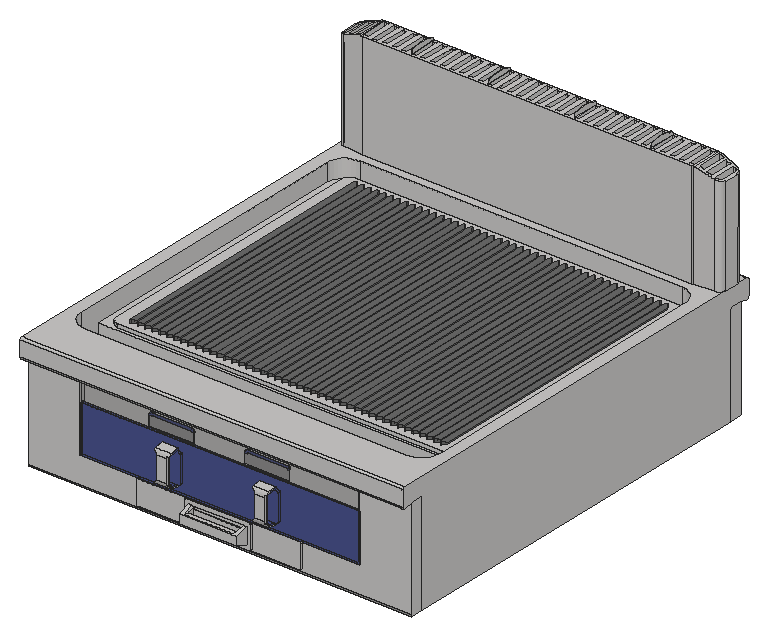
Revit family "QF_ELECTROLUXPROFESSIONAL_589102_MCHNAAHOPO", category Specialty Equipment, Revit 2018
Family settings
  Round Connector Dimension = Use Diameter
  Part Type = Normal
  Work Plane-Based = No
  Always vertical = Yes
  Cut with Voids When Loaded = No
  Shared = No
  Room Calculation Point = No
Parameters
  Weight in Pounds = 264.6
  URL Cutsheet = ""
  Type Mark [instance] = ""
  Specification by User [instance] = ""
  Specification by Manufacturer = ""
  Show Clearance [instance] = yes
  Serial Number = ""
  Seismic Rating = ""
  SMACNA No = ""
  Revision Code [instance] = ""
  Omniclass Number and Title = ""
  NAFEM Spec ID Number = ""
  Model = "589102"
  Mechanical Remarks = ""
  Mechanical Connection Type = ""
  Masterspec = ""
  Manufacturer = "ELECTROLUX"
  Item Number [instance] = ""
  Installed By [instance] = ""
  Identify Quantity as Lot [instance] = yes
  Gas Size = 1/2"
  Gas RI Height [instance] = 0 mm
  Gas KW = 20
  Gas Input [instance] = 68180.0 Btu/h
  Gas Connection Height = 0 mm
  Furnished By [instance] = ""
  Foodservice Equipment Identifier [instance] = yes
  Description = "GAS FRYTOP,RIBBED PL,1-SIDE,800X900X250H"
  CSI MasterFormat = ""
  CSI Master Format = ""
  Back Panel [instance] = yes
Reference planes
  plane 1 "BACK": y = 0
  plane 2: z = 0
  plane 3 "LEFT": x = 0
  plane 4 "RIGHT": x = 800
  plane 5 "FRONT": y = -900
  plane 6 "TOP": z = 250
  plane 7: x = 400
  plane 8: y = -450
  plane 9: z = 481
  plane 10: y = -1330
Forms (mm)
  Extrusion 1, solid, material "QF_Finishes_Stainless Steel"
    sketch origin (0, -487.128, 0) x (0, 1, 0) y (0, 0, 1)
      loop
        line (483.128, 250) -> (-408.872, 250)
        arc (-408.872, 250) -> (-411.7, 248.828) -> (-412.872, 246) r 4
        line (-412.872, 246) -> (-412.872, 214)
        arc (-412.872, 214) -> (-411.443, 210.936) -> (-408.177, 210.061) r 4
        line (-408.177, 210.061) -> (-391.509, 213) -> (-366.872, 213) -> (-366.872, 0) -> (441.128, 0) -> (441.128, 213) -> (465.765, 213) -> (482.433, 210.061)
        arc (482.433, 210.061) -> (485.699, 210.936) -> (487.128, 214) r 4
        line (487.128, 214) -> (487.128, 246)
        arc (487.128, 246) -> (485.956, 248.828) -> (483.128, 250) r 4
    from 0 to 800
  Extrusion 2, solid, material "QF_Finishes_Stainless Steel", visible <- "Back Panel"
    sketch origin (0, 0, 0) x (0, 1, 0) y (0, 0, 1)
      loop
        line (-46, 0) -> (-20, 0) -> (-20, 213) -> (-46, 213) -> (-46, 0)
    from 0 to 800
  Extrusion 3, void
    sketch origin (653.786, 44.048, 250) x (1, 0, 0) y (0, -1, 0)
      loop
        line (-590.636, 138.048) -> (83.064, 138.048)
        arc (83.064, 138.048) -> (110.04, 149.222) -> (121.214, 176.198) r 38.15
        line (121.214, 176.198) -> (121.214, 816.572)
        arc (121.214, 816.572) -> (109.944, 843.779) -> (82.737, 855.048) r 38.476
        line (82.737, 855.048) -> (-591.786, 855.048)
        arc (-591.786, 855.048) -> (-617.949, 844.211) -> (-628.786, 818.048) r 37
        line (-628.786, 818.048) -> (-628.786, 176.198)
        arc (-628.786, 176.198) -> (-617.613, 149.222) -> (-590.636, 138.048) r 38.15
    from 0 to 37
  Extrusion 4, void
    sketch origin (1307.573, 92.096, 213) x (0, 1, 0) y (1, 0, 0)
      loop
        line (-821.846, -532.573) -> (-864.62, -532.573)
        arc (-864.62, -532.573) -> (-891.827, -543.842) -> (-903.096, -571.049) r 38.476
        line (-903.096, -571.049) -> (-903.096, -1245.573)
        arc (-903.096, -1245.573) -> (-892.259, -1271.736) -> (-866.096, -1282.573) r 37
        line (-866.096, -1282.573) -> (-821.846, -1282.573) -> (-821.846, -532.573)
    from 0 to 25.6
  Extrusion 5, void
    sketch origin (1612.573, 92.096, 187.4) x (-1, 0, 0) y (0, 1, 0)
      loop
        circle (1212.573, -862.096) r 22.248
    from 0 to 92
  Extrusion 6, solid, material "QF_Finishes_Stainless Steel"
    sketch origin (0, -854, 0) x (1, 0, 0) y (0, -1, 0)
      loop
        circle (765, -264) r 6.35
    from 0 to 3.2
  Extrusion 7, solid, material "QF_Door-Drawer Clearances", visible <- "Show Clearance", detail levels coarse
    sketch origin (437.31, -881.593, 8.62) x (0, 0, 1) y (-1, 0, 0)
      loop
        line (1.973, -134.295) -> (49.317, -134.295)
        arc (49.317, -134.295) -> (50.776, -133.691) -> (51.38, -132.232) r 2.063
        line (51.38, -132.232) -> (51.38, 206.852)
        arc (51.38, 206.852) -> (50.88, 208.549) -> (49.541, 209.705) r 3.133
        line (49.541, 209.705) -> (3.067, 209.705)
        arc (3.067, 209.705) -> (0.898, 208.807) -> (0, 206.638) r 3.067
        line (0, 206.638) -> (0, -132.322)
        arc (0, -132.322) -> (0.578, -133.717) -> (1.973, -134.295) r 1.973
    from 0 to 448.407
  Extrusion 8, solid, material "QF_Clearances", visible <- "Show Clearance", detail levels coarse
    sketch origin (-178.969, -4572, 0) x (-1, 0, 0) y (0, -1, 0)
      loop
        line (-78.969, -3672) -> (-178.969, -3672) -> (-178.969, -4572) -> (-978.969, -4572) -> (-978.969, -3672) -> (-1078.969, -3672) -> (-1078.969, -4672) -> (-78.969, -4672) -> (-78.969, -3672)
    from 0 to 250
Cuts and joins
  Extrusion 3, Extrusion 4, Extrusion 5 cuts Extrusion 1
Lines and regions (mm)
  symbolic lines
    curve 1: line (493.666, -902.326, 0) -> (493.666, -900, 0)
    curve 2: spline (499.334, -903.73, 0) -> (498.856, -903.657, 0) -> (498.378, -903.575, 0) -> (497.901, -903.486, 0) -> (497.425, -903.389, 0) -> (496.95, -903.283, 0) -> (496.476, -903.17, 0) -> (496.004, -903.049, 0) -> (495.533, -902.92, 0) -> (495.064, -902.783, 0) -> (494.596, -902.638, 0) -> (494.13, -902.486, 0) -> (493.666, -902.326, 0)
    curve 3: line (525.881, -902.326, 0) -> (525.881, -900, 0)
    curve 4: spline (525.881, -902.326, 0) -> (525.417, -902.486, 0) -> (524.951, -902.638, 0) -> (524.483, -902.783, 0) -> (524.014, -902.92, 0) -> (523.543, -903.049, 0) -> (523.071, -903.17, 0) -> (522.597, -903.283, 0) -> (522.122, -903.389, 0) -> (521.646, -903.486, 0) -> (521.169, -903.575, 0) -> (520.691, -903.657, 0) -> (520.213, -903.73, 0)
    curve 5: line (499.334, -903.73, 0) -> (520.213, -903.73, 0)
    curve 6: line (25, -774, 0) -> (25, -132.15, 0)
    curve 7: arc (25, -132.15, 0) -> (36.174, -105.174, 0) -> (63.15, -94, 0) r 38.15
    curve 8: line (63.15, -94, 0) -> (736.85, -94, 0)
    curve 9: arc (736.85, -94, 0) -> (763.826, -105.174, 0) -> (775, -132.15, 0) r 38.15
    curve 10: line (775, -132.15, 0) -> (775, -772.524, 0)
    curve 11: arc (775, -772.524, 0) -> (763.731, -799.731, 0) -> (736.524, -811, 0) r 38.476
    curve 12: line (736.524, -811, 0) -> (62, -811, 0)
    curve 13: arc (62, -811, 0) -> (35.837, -800.163, 0) -> (25, -774, 0) r 37
    curve 14: line (775, -729.75, 0) -> (25, -729.75, 0)
    curve 15: circle (400, -770, 0) r 22.248 normal (0, 0, -1)
    curve 16: line (0, 0, 0) -> (800, 0, 0)
    curve 17: line (0, -900, 0) -> (0, 0, 0)
    curve 18: line (800, -900, 0) -> (0, -900, 0)
    curve 19: line (800, 0, 0) -> (800, -900, 0)
    curve 20: line (347.608, -908.767, 0) -> (450.042, -908.767, 0)
    curve 21: line (450.042, -908.767, 0) -> (451.588, -900, 0)
    curve 22: line (347.608, -908.767, 0) -> (346.062, -900, 0)
  symbolic lines, style "QF_Door-Drawer Clearances"
    curve 23: line (227.605, -1330, 0) -> (227.605, -900, 0)
    curve 24: line (227.605, -1330, 0) -> (571.605, -1330, 0)
    curve 25: line (571.605, -1330, 0) -> (571.605, -900, 0)
  symbolic lines, style "QF_Clearances", visible <- "Show Clearance", detail levels coarse
    curve 26: line (-100, 100, 0) -> (-100, -900, 0)
    curve 27: line (900, 100, 0) -> (-100, 100, 0)
    curve 28: line (900, -900, 0) -> (900, 100, 0)
Dimensions and locks
  plane 3 "LEFT" to plane 4 "RIGHT" = 800 mm
  plane 5 "FRONT" to plane 1 "BACK" = 900 mm
  equal spacing: plane 3 "LEFT", plane 7, plane 4 "RIGHT"
  equal spacing: plane 5 "FRONT", plane 8, plane 1 "BACK"
  plane 6 "TOP" to level = 250 mm  (x2)
  plane 1 "BACK" to plane 5 "FRONT" = 900 mm
  Extrusion 6 sketch curve to plane 1 "BACK" = 590 mm
  Extrusion 6 sketch curve to plane 4 "RIGHT" = 35 mm
  plane 5 "FRONT" to plane 10 = 430 mm
  plane 9 to plane 6 "TOP" = 231 mm
  plane 9 to level = 481 mm
  Extrusion 8 to plane 3 "LEFT" = 100 mm
  plane 4 "RIGHT" to Extrusion 8 = 100 mm
  plane 1 "BACK" to Extrusion 8 = 100 mm
  aligned and locked: level to plane 2
  aligned and locked: Extrusion 7 to plane 10
  aligned and locked: plane 6 "TOP" to Extrusion 8
  aligned and locked: cut or joined group of Extrusion 1, Extrusion 3, Extrusion 4, Extrusion 5 to plane 4 "RIGHT"
  aligned and locked: Extrusion 2 to plane 4 "RIGHT"
  aligned and locked: plane 7 to nested 1
  aligned and locked: plane 7 to nested 2
  aligned and locked: nested 3 to nested 2
Automatic sketch dimensions
  Extrusion 2 sketch curve to Extrusion 2 sketch curve = 26 mm
  plane 1 "BACK" to Extrusion 2 sketch curve = 20 mm
  Extrusion 1 to Extrusion 3 sketch curve = 90 mm
  Extrusion 1 to Extrusion 3 sketch curve = 122 mm
  Extrusion 1 to Extrusion 3 sketch curve = 25 mm
  Extrusion 3 sketch curve to Extrusion 3 sketch curve = 38.15 mm  (x2)
  Extrusion 1 to Extrusion 3 sketch curve = 123.476 mm
  Extrusion 1 to Extrusion 3 sketch curve = 85 mm
  Extrusion 3 sketch curve to Extrusion 3 sketch curve = 674.524 mm
  Extrusion 1 sketch curve to plane 5 "FRONT" = 0 mm
  Extrusion 1 sketch curve to plane 6 "TOP" = 0 mm
  Extrusion 1 sketch curve to level = 0 mm
  Extrusion 1 sketch curve to plane 1 "BACK" = 0 mm
  Extrusion 1 sketch curve to plane 6 "TOP" = 37 mm  (x2)
  Extrusion 1 sketch curve to plane 5 "FRONT" = 4 mm
  Extrusion 1 sketch curve to plane 5 "FRONT" = 21.363 mm
  Extrusion 1 sketch curve to plane 5 "FRONT" = 46 mm
  plane 1 "BACK" to Extrusion 1 sketch curve = 21.363 mm
  plane 1 "BACK" to Extrusion 1 sketch curve = 4 mm  (x2)
  Extrusion 1 sketch curve to Extrusion 1 sketch curve = 4 mm
  Extrusion 1 sketch curve to Extrusion 1 sketch curve = 0.695 mm
  Extrusion 1 sketch curve to Extrusion 1 sketch curve = 0 mm  (x4)
  plane 1 "BACK" to Extrusion 1 sketch curve = 4.695 mm
  Extrusion 1 sketch curve to Extrusion 1 sketch curve = 1 mm  (x2)
  plane 1 "BACK" to Extrusion 1 sketch curve = 46 mm
  Extrusion 4 sketch curve to Extrusion 3 = 81.25 mm
  Extrusion 3 to Extrusion 4 sketch curve = 0 mm  (x2)
  Extrusion 4 sketch curve to Extrusion 4 sketch curve = 37 mm
  Extrusion 4 sketch curve to Extrusion 4 sketch curve = 674.524 mm
  Extrusion 4 sketch curve to Extrusion 3 = 38.476 mm
  Extrusion 5 sketch curve to Extrusion 4 = 41 mm
  Extrusion 5 sketch curve to Extrusion 4 = 375 mm
  plane 1 "BACK" to curve 16 = 0 mm
  curve 16 to plane 4 "RIGHT" = 0 mm
  curve 23 to plane 10 = 0 mm
  curve 17 to plane 3 "LEFT" = 0 mm
  plane 5 "FRONT" to curve 25 = 0 mm
  plane 4 "RIGHT" to curve 10 = 25 mm
  curve 10 to curve 8 = 38.15 mm
  curve 11 to curve 12 = 38.476 mm
  plane 5 "FRONT" to curve 21 = 8.767 mm
  plane 5 "FRONT" to curve 3 = 2.326 mm
  plane 7 to curve 3 = 125.881 mm
  plane 5 "FRONT" to curve 5 = 3.73 mm
  curve 3 to curve 5 = 5.669 mm
  curve 5 to curve 22 = 172.605 mm
  curve 5 to curve 20 = 151.727 mm
  plane 5 "FRONT" to curve 1 = 2.326 mm
  curve 2 to curve 1 = 5.669 mm
  plane 3 "LEFT" to curve 8 = 63.15 mm
  plane 3 "LEFT" to curve 12 = 62 mm
  plane 3 "LEFT" to curve 23 = 227.605 mm
  plane 3 "LEFT" to curve 6 = 25 mm
  plane 4 "RIGHT" to curve 25 = 228.395 mm
  plane 5 "FRONT" to curve 4 = 4.032 mm
  curve 5 to curve 4 = 4.17 mm
  curve 4 to curve 22 = 169.98 mm
  curve 4 to curve 2 = 12.538 mm
  curve 15 to curve 13 = 338 mm
  plane 1 "BACK" to curve 8 = 94 mm
  curve 10 to plane 5 "FRONT" = 127.476 mm
  curve 14 to curve 13 = 44.25 mm
  curve 15 to curve 13 = 4 mm
  curve 2 to curve 4 = 0 mm
  plane 7 to curve 21 = 50.042 mm
  curve 21 to curve 20 = 1.546 mm
  plane 1 "BACK" to Extrusion 8 sketch curve = 0 mm
  plane 5 "FRONT" to Extrusion 8 sketch curve = 0 mm  (x2)
  Extrusion 8 sketch curve to plane 4 "RIGHT" = 100 mm
  Extrusion 8 sketch curve to plane 1 "BACK" = 100 mm
  Extrusion 8 sketch curve to plane 3 "LEFT" = 100 mm
  Extrusion 8 sketch curve to plane 3 "LEFT" = 0 mm
  Extrusion 8 sketch curve to plane 4 "RIGHT" = 0 mm
  curve 26 to plane 3 "LEFT" = 100 mm
  curve 26 to plane 1 "BACK" = 100 mm
  plane 5 "FRONT" to curve 26 = 0 mm
  curve 27 to plane 4 "RIGHT" = 100 mm
  plane 5 "FRONT" to curve 28 = 0 mm
  level to Extrusion 7 sketch curve = 8.62 mm
  level to Extrusion 7 sketch curve = 57.937 mm
  plane 7 to Extrusion 7 sketch curve = 171.605 mm
  Extrusion 7 sketch curve to Extrusion 7 sketch curve = 1.973 mm
  Extrusion 7 sketch curve to Extrusion 7 sketch curve = 3.067 mm
  Extrusion 7 sketch curve to Extrusion 7 sketch curve = 46.474 mm
  Extrusion 7 sketch curve to Extrusion 7 sketch curve = 2.063 mm
  Extrusion 7 sketch curve to Extrusion 7 sketch curve = 3.133 mm
  Extrusion 7 sketch curve to plane 7 = 169.328 mm
  Extrusion 2 sketch curve to level = 0 mm
  Extrusion 2 sketch curve to plane 6 "TOP" = 37 mm
  radius of Extrusion 5 sketch curve = 22.248 mm
  radius of Extrusion 6 sketch curve = 6.35 mm
  radius of curve 15 = 22.248 mm
Nested families
  nested 1: "GG_900_800 Front Panel with Center Grease Trap" at (0, -854, -650), type "GG_900_800 Front Panel with Center Grease Trap"
  nested 2: "GG_900_Backsplash for 800 fryer" at (388.888, -5, -635.571), type "GG_900_Backsplash for 800 fryer"
  nested 3: "GG_900_800 mm Full Grate" at (400, -411.875, -675), type "GG_900_800 mm Full Grate"
Connectors
  piping at (765, -590, -3.2), diameter 12.8
    settings: on Extrusion 6, index 1, connector inside diameter 0.50394", connector length 0 mm, flow factor 0, pipe flow 0 GPM, pressure drop 0.00 psi, fitting loss kfactor 0, connector angle 0.00°, fixture units 0, engagement length 0 mm, angle of deflection 0.00°, flow configuration 1, flow direction 1, fitting loss method 0, system type 7, joint type 0, gender type 0, connector reference index -1, connector utility 0, adjustable connector no, is connector primary yes, connector description "GAS CONNECTION"
Definition of nested family "GG_900_800 Front Panel with Center Grease Trap"
  Reference planes
    plane 1 "Center (Front/Back)": y = 0
    plane 2: z = 0
    plane 3 "Center (Left/Right)": x = 0
    plane 4: y = -26.492
    plane 5: x = 400
    plane 6: x = 522.091
    plane 7: x = 319.468
  Forms (mm)
    Extrusion 1, solid
      sketch origin (1033.217, 829.203, -1.25) x (0, 1, 0) y (0, 0, 1)
        loop
          arc (-854.203, 654.25) -> (-853.324, 652.129) -> (-851.203, 651.25) r 3
          line (-851.203, 651.25) -> (-829.203, 651.25) -> (-829.203, 864.25) -> (-854.203, 864.25) -> (-854.203, 654.25)
      from -1033.217 to -233.217
    Extrusion 2, void
      sketch origin (1033.217, 829.203, -1.25) x (1, 0, 0) y (0, 0, 1)
        loop
          line (-341.217, 853.25) -> (-925.217, 853.25) -> (-925.217, 711.25) -> (-341.217, 711.25) -> (-341.217, 853.25)
      from 843.409 to 854.203
  Cuts and joins
    Extrusion 2 cuts Extrusion 1
  Dimensions and locks
    cut or joined group of Extrusion 1, Extrusion 2 to cut or joined group of Extrusion 1, Extrusion 2 = 108 mm
    nested 2 to plane 3 "Center (Left/Right)" = 108 mm
    nested 2 to plane 3 "Center (Left/Right)" = 252.97 mm
    cut or joined group of Extrusion 1, Extrusion 2 to nested 2 = 253.275 mm
    cut or joined group of Extrusion 1, Extrusion 2 to nested 4 = 297.909 mm
    nested 3 to plane 3 "Center (Left/Right)" = 298.218 mm
    aligned and locked: nested 1 to nested 2
  Nested families
    nested 1: "grease trap door" at (467.599, -25, 0.608) x (-1, 0, 0) z (0, 0, 1), type "grease trap door"
    nested 2: "Long Glass Control Panel w-Two Reads" at (108, -25, 5.811), type "Long Glass Control Panel w-Two Reads"
    nested 3: "Range Control Handle" at (298.218, -28.137, -207.75), type "Range Control Handle"
    nested 4: "Range Control Handle" at (502.091, -28.137, -207.75), type "Range Control Handle"
  Definition of nested family "grease trap door"
    Reference planes
      plane 1 "Center (Front/Back)": y = 0
      plane 2: z = 0
      plane 3 "Center (Left/Right)": x = 0
    Forms (mm)
      Extrusion 1, solid
        sketch origin (1627.55, 854.203, -1.25) x (1, 0, 0) y (0, 0, 1)
          loop
            arc (-1627.55, 661.235) -> (-1626.972, 659.84) -> (-1625.577, 659.262) r 1.973
            line (-1625.577, 659.262) -> (-1494.325, 659.262)
            arc (-1494.325, 659.262) -> (-1492.156, 660.16) -> (-1491.258, 662.329) r 3.067
            line (-1491.258, 662.329) -> (-1491.258, 708.803)
            arc (-1491.258, 708.803) -> (-1492.414, 710.143) -> (-1494.111, 710.642) r 3.133
            line (-1494.111, 710.642) -> (-1625.486, 710.642)
            arc (-1625.486, 710.642) -> (-1626.945, 710.038) -> (-1627.55, 708.579) r 2.063
            line (-1627.55, 708.579) -> (-1627.55, 661.235)
        from 856.795 to 859.203
      Extrusion 2, solid
        sketch origin (445.874, 2476.61, 0) x (0, 1, 0) y (0, 0, 1)
          loop
            line (-2506.377, 675.273) -> (-2481.61, 667.505) -> (-2481.61, 700.995) -> (-2506.377, 693.227) -> (-2506.377, 675.273)
        from -437.68 to -317.68
      Extrusion 3, void
        sketch origin (1627.55, 854.203, -1.25) x (1, 0, 0) y (0, 0, 1)
          loop
            line (-1614.883, 703) -> (-1610.542, 695.433) -> (-1508.17, 695.433) -> (-1503.828, 703) -> (-1614.883, 703)
          loop
            line (-1614.883, 668) -> (-1502.669, 668) -> (-1507.01, 675.567) -> (-1610.542, 675.567) -> (-1614.883, 668)
        from 832.916 to 883.97
      Extrusion 4, void
        sketch origin (447.55, 854.203, -1.25) x (1, 0, 0) y (0, 0, 1)
          loop
            line (-430.542, 695.433) -> (-430.542, 675.567) -> (-328.17, 675.567) -> (-328.17, 695.433) -> (-430.542, 695.433)
        from 859.203 to 874.202
      Extrusion 5, solid
        sketch origin (1627.55, 854.203, -1.25) x (1, 0, 0) y (0, 0, 1)
          loop
            arc (-1731.556, 661.235) -> (-1730.978, 659.84) -> (-1729.583, 659.262) r 1.973
            line (-1729.583, 659.262) -> (-1390.623, 659.262)
            arc (-1390.623, 659.262) -> (-1388.454, 660.16) -> (-1387.556, 662.329) r 3.067
            line (-1387.556, 662.329) -> (-1387.556, 708.803)
            arc (-1387.556, 708.803) -> (-1388.712, 710.143) -> (-1390.409, 710.642) r 3.133
            line (-1390.409, 710.642) -> (-1729.493, 710.642)
            arc (-1729.493, 710.642) -> (-1730.952, 710.038) -> (-1731.556, 708.579) r 2.063
            line (-1731.556, 708.579) -> (-1731.556, 661.235)
        from 854.203 to 856.795
    Cuts and joins
      Extrusion 3 cuts Extrusion 1
      Extrusion 3, Extrusion 4 cuts Extrusion 2
      joined: Extrusion 1, Extrusion 2
    Lines and regions (mm)
      symbolic lines
        curve 1: line (0, -2.593, 0) -> (136.292, -2.593, 0)
        curve 2: line (17.557, -29.767, 0) -> (12.667, -2.593, 0)
        curve 3: line (17.557, -29.767, 0) -> (119.991, -29.767, 0)
        curve 4: line (119.991, -29.767, 0) -> (124.881, -2.593, 0)
        curve 5: line (68.146, -2.593, 0) -> (68.146, -29.767, 0)
      model lines
        curve 6: line (67.599, 0, 658.012) -> (67.599, 0, 709.392)
    Dimensions and locks
      aligned and locked: Extrusion 2 to Extrusion 1
      aligned and locked: Extrusion 3 to Extrusion 2
      aligned and locked: Extrusion 4 to Extrusion 1
  Definition of nested family "Long Glass Control Panel w-Two Reads"
    Reference planes
      plane 1 "Center (Front/Back)": y = 0
      plane 2: z = 0
      plane 3 "Center (Left/Right)": x = 0
      plane 4: x = 584
      plane 5: x = 581.091
      plane 6: x = 350
      plane 7: x = 233.749
      plane 8 "Top": z = 846.189
      plane 9 "Center": x = 292
    Forms (mm)
      Extrusion 1, solid
        sketch origin (550.286, 304.8, -4.308) x (1, 0, 0) y (0, 0, 1)
          loop
            line (-550.286, 806.791) -> (-550.286, 708.497) -> (33.714, 708.497) -> (33.714, 806.791) -> (-550.286, 806.791)
        from 300.031 to 304.8
      Extrusion 2, solid
        sketch origin (550.286, 304.8, -4.308) x (1, 0, 0) y (0, 0, 1)
          loop
            line (-550.286, 850.497) -> (-550.286, 806.791) -> (33.714, 806.791) -> (33.714, 850.497) -> (-550.286, 850.497)
        from 300.031 to 304.8
      Extrusion 3, solid
        sketch origin (550.286, 305.901, -4.308) x (1, 0, 0) y (0, 0, 1)
          loop
            line (-311.561, 812.62) -> (-311.561, 834.177) -> (-316.37, 834.177) -> (-318.169, 835.977) -> (-398.599, 835.977) -> (-400.399, 834.177) -> (-405.316, 834.177) -> (-405.316, 812.62) -> (-311.561, 812.62)
          loop
            line (-111.561, 812.62) -> (-111.561, 834.177) -> (-116.37, 834.177) -> (-118.169, 835.977) -> (-198.599, 835.977) -> (-200.399, 834.177) -> (-205.316, 834.177) -> (-205.316, 812.62) -> (-111.561, 812.62)
        from 304.798 to 306.745
      Extrusion 4, solid
        sketch origin (550.286, 305.901, -4.308) x (1, 0, 0) y (0, 0, 1)
          loop
            line (-318.121, 835.977) -> (-316.321, 834.177) -> (-311.611, 834.177)
            arc (-311.611, 834.177) -> (-312.787, 838.752) -> (-317.062, 840.763) r 5.549
            line (-317.062, 840.763) -> (-399.768, 840.763)
            arc (-399.768, 840.763) -> (-404.024, 838.747) -> (-405.16, 834.177) r 5.5
            line (-405.16, 834.177) -> (-400.351, 834.177) -> (-398.551, 835.977) -> (-318.121, 835.977)
          loop
            line (-200.222, 834.177) -> (-198.422, 835.977) -> (-117.993, 835.977) -> (-116.193, 834.177) -> (-111.482, 834.177)
            arc (-111.482, 834.177) -> (-112.659, 838.752) -> (-116.934, 840.763) r 5.549
            line (-116.934, 840.763) -> (-199.639, 840.763)
            arc (-199.639, 840.763) -> (-203.895, 838.747) -> (-205.031, 834.177) r 5.5
            line (-205.031, 834.177) -> (-200.222, 834.177)
        from 304.798 to 306.745
      Extrusion 5, void
        sketch origin (550.286, 304.8, -4.308) x (1, 0, 0) y (0, 0, 1)
          loop
            line (-547.628, 847.565) -> (-547.628, 710.699) -> (30.804, 710.699) -> (30.804, 847.565) -> (-547.628, 847.565)
        from 303.697 to 304.8
    Cuts and joins
      Extrusion 5 cuts Extrusion 1
      Extrusion 5 cuts Extrusion 2
      Extrusion 5 cuts Extrusion 3
      Extrusion 5 cuts Extrusion 4
    Lines and regions (mm)
      symbolic lines
        curve 1: line (0, 4.769, 0) -> (584, 4.769, 0)
    Dimensions and locks
      plane 4 to plane 3 "Center (Left/Right)" = 584 mm
      locked: plane 4 to plane 5 at 2.909
      plane 4 to plane 6 = 234 mm
      plane 7 to plane 3 "Center (Left/Right)" = 233.749 mm
      aligned and locked: Extrusion 1 to Extrusion 2
      aligned and locked: Extrusion 3 to Extrusion 4
  Definition of nested family "Range Control Handle"
    Reference planes
      plane 1 "Center (Front/Back)": y = 0
      plane 2: z = 0
      plane 3 "Center (Left/Right)": x = 0
      plane 4: z = 971.092
    Forms (mm)
      Extrusion 1, solid
        sketch origin (-746.28, 380.497, 208.931) x (-1, 0, 0) y (0, 0, 1)
          loop
            line (-770.101, 786.798) -> (-770.101, 731.649)
            arc (-770.101, 731.649) -> (-769.759, 730.563) -> (-768.855, 729.87) r 1.893
            line (-768.855, 729.87) -> (-763.474, 727.911) -> (-729.81, 727.911) -> (-724.428, 729.87)
            arc (-724.428, 729.87) -> (-723.525, 730.563) -> (-723.183, 731.649) r 1.893
            line (-723.183, 731.649) -> (-723.183, 786.798)
            arc (-723.183, 786.798) -> (-723.529, 787.894) -> (-724.44, 788.593) r 1.91
            line (-724.44, 788.593) -> (-729.683, 790.819) -> (-763.601, 790.819) -> (-768.844, 788.593)
            arc (-768.844, 788.593) -> (-769.755, 787.894) -> (-770.101, 786.798) r 1.91
        from -382.35 to -378.852
      Sweep 2, solid
        path origin (-746.788, 380.496, 208.091) x (0, -1, 0) y (0, 0, 1)
          loop
            line (379.775, 793.281) -> (395.661, 791.048)
            arc (395.661, 791.048) -> (397.781, 787.377) -> (398.517, 783.202) r 12.207
            line (398.517, 783.202) -> (398.517, 737.368)
            arc (398.517, 737.368) -> (397.781, 733.193) -> (395.661, 729.522) r 12.207
            line (395.661, 729.522) -> (379.775, 727.289)
        profile origin (-746.788, -7.222, 1000.256) x (0, -0.139173, 0.990268) y (-1, 0, 0)
          loop
            line (0.782, -763.123) -> (0.782, -730.907) -> (-1.322, -730.907) -> (-1.322, -763.123) -> (0.782, -763.123)
      Sweep 3, solid
        path origin (-746.788, 380.715, 207.832) x (0, -1, 0) y (0, 0, 1)
          loop
            line (380.478, 795.442) -> (397.218, 793.09)
            arc (397.218, 793.09) -> (399.929, 788.473) -> (400.871, 783.202) r 15.207
            line (400.871, 783.202) -> (400.871, 737.584)
            arc (400.871, 737.584) -> (399.914, 732.274) -> (397.164, 727.633) r 15.207
            line (397.164, 727.633) -> (380.601, 725.305)
        profile origin (-746.788, -8.132, 1002.099) x (0, -0.139173, 0.990268) y (-1, 0, 0)
          loop
            line (0.782, -763.123) -> (0.782, -730.907) -> (-1.322, -730.907) -> (-1.322, -763.123) -> (0.782, -763.123)
      Extrusion 4, void
        sketch origin (889.253, 220.666, 207.993) x (1, 0, 0) y (0, 0, 1)
          loop
            line (-943.038, 816.854) -> (-943.038, 703.686) -> (-899.466, 734.196) -> (-899.466, 786.344) -> (-943.038, 816.854)
        from 230.636 to 242.25
      Extrusion 5, void
        sketch origin (-888.8, 220.666, 207.993) x (-1, 0, 0) y (0, 0, -1)
          loop
            line (-943.038, -816.854) -> (-899.466, -786.344) -> (-899.466, -734.196) -> (-943.038, -703.686) -> (-943.038, -816.854)
        from 230.636 to 242.25
      Extrusion 6, solid
        sketch origin (0, 0, 0) x (1, 0, 0) y (0, 0, 1)
          loop
            circle (0, 971.092) r 7.736
        from -3.137 to -1.645
    Cuts and joins
      Extrusion 4, Extrusion 5 cuts Sweep 3
      Extrusion 4, Extrusion 5 cuts Sweep 2
      joined: Extrusion 1, Extrusion 6
    Lines and regions (mm)
      symbolic lines
        curve 1: line (23.821, 1.645, 0) -> (-23.097, 1.645, 0)
        curve 2: line (16.334, -1.853, 0) -> (23.821, -1.853, 0)
        curve 3: line (-15.881, -19.189, 0) -> (-15.881, -1.853, 0)
        curve 4: line (-23.097, -1.853, 0) -> (-15.881, -1.853, 0)
        curve 5: line (16.334, -19.189, 0) -> (16.334, -1.853, 0)
        curve 6: spline (-15.881, -19.189, 0) -> (-15.417, -19.349, 0) -> (-14.951, -19.501, 0) -> (-14.483, -19.646, 0) -> (-14.014, -19.783, 0) -> (-13.543, -19.912, 0) -> (-13.071, -20.033, 0) -> (-12.597, -20.146, 0) -> (-12.122, -20.251, 0) -> (-11.646, -20.349, 0) -> (-11.169, -20.438, 0) -> (-10.691, -20.52, 0) -> (-10.213, -20.593, 0)
        curve 7: spline (10.666, -20.593, 0) -> (11.144, -20.52, 0) -> (11.622, -20.438, 0) -> (12.099, -20.349, 0) -> (12.575, -20.251, 0) -> (13.05, -20.146, 0) -> (13.524, -20.033, 0) -> (13.996, -19.912, 0) -> (14.467, -19.783, 0) -> (14.936, -19.646, 0) -> (15.404, -19.501, 0) -> (15.87, -19.349, 0) -> (16.334, -19.189, 0)
        curve 8: line (-10.213, -20.938, 0) -> (10.716, -20.938, 0)
        curve 9: line (-23.097, 1.645, 0) -> (-23.097, -1.853, 0)
        curve 10: line (23.821, 1.645, 0) -> (23.821, -1.853, 0)
Definition of nested family "GG_900_Backsplash for 800 fryer"
  Reference planes
    plane 1 "Center (Front/Back)": y = 0
    plane 2: z = 0
    plane 3 "Center (Left/Right)": x = 11.112
    plane 4: x = -388.888
    plane 5: x = 411.112
    plane 6: y = -37.994
  Forms (mm)
    Extrusion 1, solid
      sketch origin (3208.371, -22.924, -275.679) x (1, 0, 0) y (0, 0, 1)
        loop
          line (-3597.259, 1365.162) -> (-3597.259, 1161.25) -> (-2797.259, 1161.25) -> (-2797.259, 1364.934) -> (-2841.553, 1381.055)
          arc (-2841.553, 1381.055) -> (-2844.994, 1381.949) -> (-2848.536, 1382.25) r 21
          line (-2848.536, 1382.25) -> (-3546.608, 1382.25)
          arc (-3546.608, 1382.25) -> (-3550.146, 1381.95) -> (-3553.582, 1381.058) r 21
          line (-3553.582, 1381.058) -> (-3597.259, 1365.162)
      from -17.885 to 48.024
    Extrusion 2, void
      sketch origin (3108.387, -925.98, -226.348) x (1, 0, 0) y (0, 1, 0)
        loop
          line (-3444.887, 915.362) -> (-3444.887, 861.502) -> (-3434.887, 861.502) -> (-3434.887, 915.362) -> (-3444.887, 915.362)
      from 1111.919 to 1332.919
    Extrusion 3, void
      sketch origin (3789.012, -925.98, -226.348) x (1, 0, 0) y (0, 1, 0)
        loop
          line (-3444.887, 915.362) -> (-3444.887, 861.502) -> (-3434.887, 861.502) -> (-3434.887, 915.362) -> (-3444.887, 915.362)
      from 1111.919 to 1332.919
    Extrusion 4, void
      sketch origin (3128.405, -925.98, -226.348) x (1, 0, 0) y (0, 1, 0)
        loop
          line (-3444.887, 915.362) -> (-3444.887, 861.502) -> (-3434.887, 861.502) -> (-3434.887, 915.362) -> (-3444.887, 915.362)
      from 1111.919 to 1332.919
    Extrusion 5, void
      sketch origin (3148.424, -925.98, -226.348) x (1, 0, 0) y (0, 1, 0)
        loop
          line (-3444.887, 915.362) -> (-3444.887, 861.502) -> (-3434.887, 861.502) -> (-3434.887, 915.362) -> (-3444.887, 915.362)
      from 1111.919 to 1332.919
    Extrusion 6, void
      sketch origin (3168.442, -925.98, -226.348) x (1, 0, 0) y (0, 1, 0)
        loop
          line (-3444.887, 915.362) -> (-3444.887, 861.502) -> (-3434.887, 861.502) -> (-3434.887, 915.362) -> (-3444.887, 915.362)
      from 1111.919 to 1332.919
    Extrusion 7, void
      sketch origin (3188.46, -925.98, -226.348) x (1, 0, 0) y (0, 1, 0)
        loop
          line (-3444.887, 915.362) -> (-3444.887, 861.502) -> (-3434.887, 861.502) -> (-3434.887, 915.362) -> (-3444.887, 915.362)
      from 1111.919 to 1332.919
    Extrusion 8, void
      sketch origin (3208.479, -925.98, -226.348) x (1, 0, 0) y (0, 1, 0)
        loop
          line (-3444.887, 915.362) -> (-3444.887, 861.502) -> (-3434.887, 861.502) -> (-3434.887, 915.362) -> (-3444.887, 915.362)
      from 1111.919 to 1332.919
    Extrusion 9, void
      sketch origin (3228.497, -925.98, -226.348) x (1, 0, 0) y (0, 1, 0)
        loop
          line (-3444.887, 915.362) -> (-3444.887, 861.502) -> (-3434.887, 861.502) -> (-3434.887, 915.362) -> (-3444.887, 915.362)
      from 1111.919 to 1332.919
    Extrusion 10, void
      sketch origin (3248.516, -925.98, -226.348) x (1, 0, 0) y (0, 1, 0)
        loop
          line (-3444.887, 915.362) -> (-3444.887, 861.502) -> (-3434.887, 861.502) -> (-3434.887, 915.362) -> (-3444.887, 915.362)
      from 1111.919 to 1332.919
    Extrusion 11, void
      sketch origin (3268.534, -925.98, -226.348) x (1, 0, 0) y (0, 1, 0)
        loop
          line (-3444.887, 915.362) -> (-3444.887, 861.502) -> (-3434.887, 861.502) -> (-3434.887, 915.362) -> (-3444.887, 915.362)
      from 1111.919 to 1332.919
    Extrusion 12, void
      sketch origin (3288.552, -925.98, -226.348) x (1, 0, 0) y (0, 1, 0)
        loop
          line (-3444.887, 915.362) -> (-3444.887, 861.502) -> (-3434.887, 861.502) -> (-3434.887, 915.362) -> (-3444.887, 915.362)
      from 1111.919 to 1332.919
    Extrusion 13, void
      sketch origin (3308.571, -925.98, -226.348) x (1, 0, 0) y (0, 1, 0)
        loop
          line (-3444.887, 915.362) -> (-3444.887, 861.502) -> (-3434.887, 861.502) -> (-3434.887, 915.362) -> (-3444.887, 915.362)
      from 1111.919 to 1332.919
    Extrusion 14, void
      sketch origin (3328.589, -925.98, -226.348) x (1, 0, 0) y (0, 1, 0)
        loop
          line (-3444.887, 915.362) -> (-3444.887, 861.502) -> (-3434.887, 861.502) -> (-3434.887, 915.362) -> (-3444.887, 915.362)
      from 1111.919 to 1332.919
    Extrusion 15, void
      sketch origin (3348.607, -925.98, -226.348) x (1, 0, 0) y (0, 1, 0)
        loop
          line (-3444.887, 915.362) -> (-3444.887, 861.502) -> (-3434.887, 861.502) -> (-3434.887, 915.362) -> (-3444.887, 915.362)
      from 1111.919 to 1332.919
    Extrusion 16, void
      sketch origin (3368.626, -925.98, -226.348) x (1, 0, 0) y (0, 1, 0)
        loop
          line (-3444.887, 915.362) -> (-3444.887, 861.502) -> (-3434.887, 861.502) -> (-3434.887, 915.362) -> (-3444.887, 915.362)
      from 1111.919 to 1332.919
    Extrusion 17, void
      sketch origin (3388.644, -925.98, -226.348) x (1, 0, 0) y (0, 1, 0)
        loop
          line (-3444.887, 915.362) -> (-3444.887, 861.502) -> (-3434.887, 861.502) -> (-3434.887, 915.362) -> (-3444.887, 915.362)
      from 1111.919 to 1332.919
    Extrusion 18, void
      sketch origin (3408.663, -925.98, -226.348) x (1, 0, 0) y (0, 1, 0)
        loop
          line (-3444.887, 915.362) -> (-3444.887, 861.502) -> (-3434.887, 861.502) -> (-3434.887, 915.362) -> (-3444.887, 915.362)
      from 1111.919 to 1332.919
    Extrusion 19, void
      sketch origin (3428.681, -925.98, -226.348) x (1, 0, 0) y (0, 1, 0)
        loop
          line (-3444.887, 915.362) -> (-3444.887, 861.502) -> (-3434.887, 861.502) -> (-3434.887, 915.362) -> (-3444.887, 915.362)
      from 1111.919 to 1332.919
    Extrusion 20, void
      sketch origin (3448.699, -925.98, -226.348) x (1, 0, 0) y (0, 1, 0)
        loop
          line (-3444.887, 915.362) -> (-3444.887, 861.502) -> (-3434.887, 861.502) -> (-3434.887, 915.362) -> (-3444.887, 915.362)
      from 1111.919 to 1332.919
    Extrusion 21, void
      sketch origin (3468.718, -925.98, -226.348) x (1, 0, 0) y (0, 1, 0)
        loop
          line (-3444.887, 915.362) -> (-3444.887, 861.502) -> (-3434.887, 861.502) -> (-3434.887, 915.362) -> (-3444.887, 915.362)
      from 1111.919 to 1332.919
    Extrusion 22, void
      sketch origin (3488.736, -925.98, -226.348) x (1, 0, 0) y (0, 1, 0)
        loop
          line (-3444.887, 915.362) -> (-3444.887, 861.502) -> (-3434.887, 861.502) -> (-3434.887, 915.362) -> (-3444.887, 915.362)
      from 1111.919 to 1332.919
    Extrusion 23, void
      sketch origin (3508.755, -925.98, -226.348) x (1, 0, 0) y (0, 1, 0)
        loop
          line (-3444.887, 915.362) -> (-3444.887, 861.502) -> (-3434.887, 861.502) -> (-3434.887, 915.362) -> (-3444.887, 915.362)
      from 1111.919 to 1332.919
    Extrusion 24, void
      sketch origin (3528.773, -925.98, -226.348) x (1, 0, 0) y (0, 1, 0)
        loop
          line (-3444.887, 915.362) -> (-3444.887, 861.502) -> (-3434.887, 861.502) -> (-3434.887, 915.362) -> (-3444.887, 915.362)
      from 1111.919 to 1332.919
    Extrusion 25, void
      sketch origin (3548.791, -925.98, -226.348) x (1, 0, 0) y (0, 1, 0)
        loop
          line (-3444.887, 915.362) -> (-3444.887, 861.502) -> (-3434.887, 861.502) -> (-3434.887, 915.362) -> (-3444.887, 915.362)
      from 1111.919 to 1332.919
    Extrusion 26, void
      sketch origin (3568.81, -925.98, -226.348) x (1, 0, 0) y (0, 1, 0)
        loop
          line (-3444.887, 915.362) -> (-3444.887, 861.502) -> (-3434.887, 861.502) -> (-3434.887, 915.362) -> (-3444.887, 915.362)
      from 1111.919 to 1332.919
    Extrusion 27, void
      sketch origin (3588.828, -925.98, -226.348) x (1, 0, 0) y (0, 1, 0)
        loop
          line (-3444.887, 915.362) -> (-3444.887, 861.502) -> (-3434.887, 861.502) -> (-3434.887, 915.362) -> (-3444.887, 915.362)
      from 1111.919 to 1332.919
    Extrusion 28, void
      sketch origin (3608.846, -925.98, -226.348) x (1, 0, 0) y (0, 1, 0)
        loop
          line (-3444.887, 915.362) -> (-3444.887, 861.502) -> (-3434.887, 861.502) -> (-3434.887, 915.362) -> (-3444.887, 915.362)
      from 1111.919 to 1332.919
    Extrusion 29, void
      sketch origin (3628.865, -925.98, -226.348) x (1, 0, 0) y (0, 1, 0)
        loop
          line (-3444.887, 915.362) -> (-3444.887, 861.502) -> (-3434.887, 861.502) -> (-3434.887, 915.362) -> (-3444.887, 915.362)
      from 1111.919 to 1332.919
    Extrusion 30, void
      sketch origin (3648.883, -925.98, -226.348) x (1, 0, 0) y (0, 1, 0)
        loop
          line (-3444.887, 915.362) -> (-3444.887, 861.502) -> (-3434.887, 861.502) -> (-3434.887, 915.362) -> (-3444.887, 915.362)
      from 1111.919 to 1332.919
    Extrusion 31, void
      sketch origin (3668.902, -925.98, -226.348) x (1, 0, 0) y (0, 1, 0)
        loop
          line (-3444.887, 915.362) -> (-3444.887, 861.502) -> (-3434.887, 861.502) -> (-3434.887, 915.362) -> (-3444.887, 915.362)
      from 1111.919 to 1332.919
    Extrusion 32, void
      sketch origin (0, 0, 0) x (1, 0, 0) y (0, 1, 0)
        loop
          line (-373.021, -61.567) -> (-373.021, -14.408) -> (-377.678, -14.821)
          spline (-377.678, -14.821) -> (-378.371, -14.929) -> (-379.046, -15.126) -> (-379.692, -15.41) -> (-380.301, -15.777) -> (-380.864, -16.22) -> (-381.37, -16.734) -> (-381.814, -17.309) -> (-382.188, -17.939) -> (-382.486, -18.613) -> (-382.704, -19.32) -> (-382.839, -20.051) -> (-382.888, -20.793)
          line (-382.888, -20.793) -> (-382.888, -55.104)
          spline (-382.888, -55.104) -> (-382.855, -55.807) -> (-382.746, -56.501) -> (-382.562, -57.176) -> (-382.305, -57.825) -> (-381.98, -58.437) -> (-381.589, -59.005) -> (-381.14, -59.521) -> (-380.637, -59.978) -> (-380.087, -60.369) -> (-379.499, -60.69) -> (-378.879, -60.936) -> (-378.237, -61.104)
          line (-378.237, -61.104) -> (-373.021, -61.567)
        loop
          line (-367.195, -62.083) -> (-357.328, -62.958) -> (-357.328, -13.046) -> (-367.195, -13.892) -> (-367.195, -62.083)
        loop
          line (-351.502, -12.529) -> (-351.502, -63.476) -> (-341.546, -64.358) -> (-341.546, -11.645) -> (-351.502, -12.529)
        loop
          line (399.338, -14.802) -> (395.245, -14.439) -> (395.245, -61.567) -> (399.902, -61.184)
          spline (399.902, -61.184) -> (400.6, -61.075) -> (401.279, -60.875) -> (401.93, -60.588) -> (402.542, -60.217) -> (403.106, -59.768) -> (403.614, -59.248) -> (404.058, -58.666) -> (404.43, -58.029) -> (404.726, -57.349) -> (404.94, -56.634) -> (405.069, -55.897) -> (405.112, -55.149)
          line (405.112, -55.149) -> (405.112, -20.839)
          spline (405.112, -20.839) -> (405.061, -20.042) -> (404.913, -19.26) -> (404.668, -18.505) -> (404.333, -17.791) -> (403.912, -17.13) -> (403.412, -16.534) -> (402.844, -16.014) -> (402.215, -15.577) -> (401.539, -15.233) -> (400.825, -14.986) -> (400.087, -14.842) -> (399.338, -14.802)
        loop
          line (389.419, -13.922) -> (379.552, -13.046) -> (379.552, -62.989) -> (389.419, -62.113) -> (389.419, -13.922)
        loop
          line (363.77, -11.615) -> (363.77, -64.389) -> (373.726, -63.506) -> (373.726, -12.499) -> (363.77, -11.615)
      from 885.571 to 1106.571
    Extrusion 33, void
      sketch origin (5.432, 225.414, 0) x (1, 0, 0) y (0, 1, 0)
        loop
          spline (-382.452, -291.267) -> (-383.887, -291.038) -> (-385.284, -290.622) -> (-386.623, -290.026) -> (-387.883, -289.259) -> (-389.044, -288.332) -> (-390.088, -287.26) -> (-391.001, -286.059) -> (-391.767, -284.747) -> (-392.375, -283.345) -> (-392.817, -281.874) -> (-393.084, -280.356) -> (-393.174, -278.815)
          line (-393.174, -278.815) -> (-403.174, -278.815) -> (-403.174, -302.496) -> (-338.508, -302.496) -> (-338.508, -295.112) -> (-382.452, -291.267)
        loop
          line (-382.452, -235.548) -> (-338.508, -231.703) -> (-338.508, -224.32) -> (-403.174, -224.32) -> (-403.174, -248.001) -> (-393.174, -248.001)
          spline (-393.174, -248.001) -> (-393.084, -246.459) -> (-392.817, -244.941) -> (-392.375, -243.47) -> (-391.767, -242.068) -> (-391.001, -240.757) -> (-390.088, -239.556) -> (-389.044, -238.484) -> (-387.883, -237.557) -> (-386.623, -236.79) -> (-385.284, -236.194) -> (-383.887, -235.778) -> (-382.452, -235.548)
        loop
          line (393.082, -291.267) -> (349.139, -295.112) -> (349.139, -302.496) -> (413.805, -302.496) -> (413.805, -278.815) -> (403.805, -278.815)
          spline (403.805, -278.815) -> (403.715, -280.356) -> (403.447, -281.874) -> (403.006, -283.345) -> (402.398, -284.747) -> (401.631, -286.059) -> (400.719, -287.26) -> (399.674, -288.332) -> (398.513, -289.259) -> (397.254, -290.026) -> (395.915, -290.622) -> (394.518, -291.038) -> (393.082, -291.267)
        loop
          spline (393.082, -235.548) -> (394.518, -235.778) -> (395.915, -236.194) -> (397.254, -236.79) -> (398.513, -237.557) -> (399.674, -238.484) -> (400.719, -239.556) -> (401.631, -240.757) -> (402.398, -242.068) -> (403.006, -243.47) -> (403.447, -244.941) -> (403.715, -246.459) -> (403.805, -248.001)
          line (403.805, -248.001) -> (413.805, -248.001) -> (413.805, -224.32) -> (349.139, -224.32) -> (349.139, -231.703) -> (393.082, -235.548)
      from 0 to 1124.213
    Extrusion 34, void
      sketch origin (3688.92, -925.98, -226.348) x (1, 0, 0) y (0, 1, 0)
        loop
          line (-3444.887, 915.362) -> (-3444.887, 861.502) -> (-3434.887, 861.502) -> (-3434.887, 915.362) -> (-3444.887, 915.362)
      from 1111.919 to 1332.919
    Extrusion 35, void
      sketch origin (3708.938, -925.98, -226.348) x (1, 0, 0) y (0, 1, 0)
        loop
          line (-3444.887, 915.362) -> (-3444.887, 861.502) -> (-3434.887, 861.502) -> (-3434.887, 915.362) -> (-3444.887, 915.362)
      from 1111.919 to 1332.919
    Extrusion 36, void
      sketch origin (3728.957, -925.98, -226.348) x (1, 0, 0) y (0, 1, 0)
        loop
          line (-3444.887, 915.362) -> (-3444.887, 861.502) -> (-3434.887, 861.502) -> (-3434.887, 915.362) -> (-3444.887, 915.362)
      from 1111.919 to 1332.919
    Extrusion 37, void
      sketch origin (3748.975, -925.98, -226.348) x (1, 0, 0) y (0, 1, 0)
        loop
          line (-3444.887, 915.362) -> (-3444.887, 861.502) -> (-3434.887, 861.502) -> (-3434.887, 915.362) -> (-3444.887, 915.362)
      from 1111.919 to 1332.919
    Extrusion 38, void
      sketch origin (3768.993, -925.98, -226.348) x (1, 0, 0) y (0, 1, 0)
        loop
          line (-3444.887, 915.362) -> (-3444.887, 861.502) -> (-3434.887, 861.502) -> (-3434.887, 915.362) -> (-3444.887, 915.362)
      from 1111.919 to 1332.919
    Extrusion 39, solid
      sketch origin (259.122, 1835.817, -536.686) x (0, 1, 0) y (0, 0, 1)
        loop
          line (-1849.66, 1651.2) -> (-1860.917, 1653.592)
          arc (-1860.917, 1653.592) -> (-1873.392, 1654.903) -> (-1885.866, 1653.592) r 60
          line (-1885.866, 1653.592) -> (-1897.123, 1651.2)
          arc (-1897.123, 1651.2) -> (-1899.403, 1649.803) -> (-1900.294, 1647.286) r 4
          line (-1900.294, 1647.286) -> (-1900.294, 1644.257) -> (-1846.435, 1644.257) -> (-1846.435, 1647.286)
          arc (-1846.435, 1647.286) -> (-1847.327, 1649.803) -> (-1849.603, 1651.198) r 4
      from 4.99 to 5.99
    Extrusion 40, solid
      sketch origin (1192.52, 0, -506.659) x (1, 0, 0) y (0, 0, 1)
        loop
          line (-1428.929, 1613.23) -> (-1427.196, 1613.23)
          arc (-1427.196, 1613.23) -> (-1426.997, 1613.712) -> (-1426.929, 1614.23) r 2
          line (-1426.929, 1614.23) -> (-1427.929, 1614.23)
          arc (-1427.929, 1614.23) -> (-1428.221, 1613.523) -> (-1428.929, 1613.23) r 1
      from 10.618 to 64.478
    Extrusion 41, solid
      sketch origin (-240.398, 1835.817, -536.686) x (0, 1, 0) y (0, 0, 1)
        loop
          line (-1849.66, 1651.2) -> (-1860.917, 1653.592)
          arc (-1860.917, 1653.592) -> (-1873.392, 1654.903) -> (-1885.866, 1653.592) r 60
          line (-1885.866, 1653.592) -> (-1897.123, 1651.2)
          arc (-1897.123, 1651.2) -> (-1899.403, 1649.803) -> (-1900.294, 1647.286) r 4
          line (-1900.294, 1647.286) -> (-1900.294, 1644.257) -> (-1846.435, 1644.257) -> (-1846.435, 1647.286)
          arc (-1846.435, 1647.286) -> (-1847.327, 1649.803) -> (-1849.603, 1651.198) r 4
      from 4.99 to 5.99
    Extrusion 42, solid
      sketch origin (1352.667, 0, -506.659) x (1, 0, 0) y (0, 0, 1)
        loop
          line (-1428.929, 1613.23) -> (-1427.196, 1613.23)
          arc (-1427.196, 1613.23) -> (-1426.997, 1613.712) -> (-1426.929, 1614.23) r 2
          line (-1426.929, 1614.23) -> (-1427.929, 1614.23)
          arc (-1427.929, 1614.23) -> (-1428.221, 1613.523) -> (-1428.929, 1613.23) r 1
      from 10.618 to 64.478
    Extrusion 43, solid
      sketch origin (-80.251, 1835.817, -536.686) x (0, 1, 0) y (0, 0, 1)
        loop
          line (-1849.66, 1651.2) -> (-1860.917, 1653.592)
          arc (-1860.917, 1653.592) -> (-1873.392, 1654.903) -> (-1885.866, 1653.592) r 60
          line (-1885.866, 1653.592) -> (-1897.123, 1651.2)
          arc (-1897.123, 1651.2) -> (-1899.403, 1649.803) -> (-1900.294, 1647.286) r 4
          line (-1900.294, 1647.286) -> (-1900.294, 1644.257) -> (-1846.435, 1644.257) -> (-1846.435, 1647.286)
          arc (-1846.435, 1647.286) -> (-1847.327, 1649.803) -> (-1849.603, 1651.198) r 4
      from 4.99 to 5.99
    Extrusion 44, solid
      sketch origin (-1162.816, 0, -506.659) x (-1, 0, 0) y (0, 0, -1)
        loop
          arc (-1428.929, -1613.23) -> (-1428.221, -1613.523) -> (-1427.929, -1614.23) r 1
          line (-1427.929, -1614.23) -> (-1426.929, -1614.23)
          arc (-1426.929, -1614.23) -> (-1426.997, -1613.712) -> (-1427.196, -1613.23) r 2
          line (-1427.196, -1613.23) -> (-1428.929, -1613.23)
      from 10.618 to 64.478
    Extrusion 45, solid
      sketch origin (98.915, 1835.817, -536.686) x (0, 1, 0) y (0, 0, 1)
        loop
          line (-1849.66, 1651.2) -> (-1860.917, 1653.592)
          arc (-1860.917, 1653.592) -> (-1873.392, 1654.903) -> (-1885.866, 1653.592) r 60
          line (-1885.866, 1653.592) -> (-1897.123, 1651.2)
          arc (-1897.123, 1651.2) -> (-1899.403, 1649.803) -> (-1900.294, 1647.286) r 4
          line (-1900.294, 1647.286) -> (-1900.294, 1644.257) -> (-1846.435, 1644.257) -> (-1846.435, 1647.286)
          arc (-1846.435, 1647.286) -> (-1847.327, 1649.803) -> (-1849.603, 1651.198) r 4
      from 4.99 to 5.99
    Extrusion 46, solid
      sketch origin (-1323.024, 0, -506.659) x (-1, 0, 0) y (0, 0, -1)
        loop
          arc (-1428.929, -1613.23) -> (-1428.221, -1613.523) -> (-1427.929, -1614.23) r 1
          line (-1427.929, -1614.23) -> (-1426.929, -1614.23)
          arc (-1426.929, -1614.23) -> (-1426.997, -1613.712) -> (-1427.196, -1613.23) r 2
          line (-1427.196, -1613.23) -> (-1428.929, -1613.23)
      from 10.618 to 64.478
  Cuts and joins
    Extrusion 2, Extrusion 3, Extrusion 4, Extrusion 5, Extrusion 6, Extrusion 7, Extrusion 8, Extrusion 9, Extrusion 10, Extrusion 11, Extrusion 12, Extrusion 13, Extrusion 14, Extrusion 15, Extrusion 16, Extrusion 17, Extrusion 18, Extrusion 19, Extrusion 20, Extrusion 21, Extrusion 22, Extrusion 23, Extrusion 24, Extrusion 25, Extrusion 26, Extrusion 27, Extrusion 28, Extrusion 29, Extrusion 30, Extrusion 31, Extrusion 32, Extrusion 33, Extrusion 34, Extrusion 35, Extrusion 36, Extrusion 37, Extrusion 38 cuts Extrusion 1
  Lines and regions (mm)
    symbolic lines
      curve 1: line (340.161, -5.039, 0) -> (-319.049, -5.039, 0)
      curve 2: line (-377.28, -10.134, 0) -> (-319.049, -5.039, 0)
      curve 3: spline (-388.002, -22.586, 0) -> (-387.913, -21.045, 0) -> (-387.645, -19.527, 0) -> (-387.204, -18.056, 0) -> (-386.595, -16.654, 0) -> (-385.829, -15.343, 0) -> (-384.916, -14.142, 0) -> (-383.872, -13.07, 0) -> (-382.711, -12.143, 0) -> (-381.451, -11.376, 0) -> (-380.113, -10.779, 0) -> (-378.715, -10.363, 0) -> (-377.28, -10.134, 0)
      curve 4: line (-388.888, -22.586, 0) -> (-388.888, -53.401, 0)
      curve 5: spline (-377.28, -65.853, 0) -> (-378.715, -65.624, 0) -> (-380.113, -65.208, 0) -> (-381.451, -64.612, 0) -> (-382.711, -63.844, 0) -> (-383.872, -62.918, 0) -> (-384.916, -61.846, 0) -> (-385.829, -60.645, 0) -> (-386.595, -59.333, 0) -> (-387.204, -57.931, 0) -> (-387.645, -56.46, 0) -> (-387.913, -54.942, 0) -> (-388.002, -53.401, 0)
      curve 6: line (-319.049, -70.948, 0) -> (340.161, -70.948, 0)
      curve 7: line (-319.049, -70.948, 0) -> (-377.28, -65.853, 0)
      curve 8: line (398.392, -65.853, 0) -> (340.161, -70.948, 0)
      curve 9: line (411.112, -53.401, 0) -> (411.112, -22.586, 0)
      curve 10: spline (409.114, -53.401, 0) -> (409.025, -54.942, 0) -> (408.757, -56.46, 0) -> (408.316, -57.931, 0) -> (407.707, -59.333, 0) -> (406.941, -60.645, 0) -> (406.028, -61.846, 0) -> (404.984, -62.918, 0) -> (403.823, -63.844, 0) -> (402.564, -64.612, 0) -> (401.225, -65.208, 0) -> (399.827, -65.624, 0) -> (398.392, -65.853, 0)
      curve 11: spline (398.392, -10.134, 0) -> (399.827, -10.363, 0) -> (401.225, -10.779, 0) -> (402.564, -11.376, 0) -> (403.823, -12.143, 0) -> (404.984, -13.07, 0) -> (406.028, -14.142, 0) -> (406.941, -15.343, 0) -> (407.707, -16.654, 0) -> (408.316, -18.056, 0) -> (408.757, -19.527, 0) -> (409.025, -21.045, 0) -> (409.114, -22.586, 0)
      curve 12: line (340.161, -5.039, 0) -> (398.392, -10.134, 0)
      curve 13: line (11.112, 0, 1106.571) -> (11.112, 0, 885.571)
      curve 14: line (409.114, -22.586, 0) -> (411.112, -22.586, 0)
      curve 15: line (409.114, -53.401, 0) -> (411.112, -53.401, 0)
      curve 16: line (-388.888, -22.586, 0) -> (-388.002, -22.586, 0)
      curve 17: line (-388.002, -53.401, 0) -> (-388.888, -53.401, 0)
  Dimensions and locks
    equal spacing: group 1, group 3, group 4, group 5, group 6, group 7, group 8, group 9, group 10, group 11, group 12, group 13, group 14, group 15, group 16, group 17, group 18, group 19, group 20, group 21, group 22, group 23, group 24, group 25, group 26, group 27, group 28, group 29, group 30, group 31, group 32, group 33, group 34, group 35, group 2  (x3)
    plane 5 to plane 4 = 800 mm
    equal spacing: plane 5, plane 3 "Center (Left/Right)", plane 4
    aligned and locked: Extrusion 41 to Extrusion 40
    aligned and locked: Extrusion 43 to Extrusion 42
  Automatic sketch dimensions
    curve 13 to plane 3 "Center (Left/Right)" = 0 mm
    level to curve 13 = 885.571 mm
    curve 13 to curve 13 = 221 mm
    Extrusion 1 sketch curve to plane 4 = 0 mm
    Extrusion 1 sketch curve to plane 5 = 0 mm
    plane 4 to Extrusion 1 sketch curve = 43.677 mm
    Extrusion 1 sketch curve to Extrusion 1 sketch curve = 6.975 mm
    Extrusion 1 sketch curve to plane 5 = 51.277 mm
    Extrusion 1 sketch curve to Extrusion 1 sketch curve = 6.982 mm
    level to Extrusion 1 sketch curve = 885.571 mm
    Extrusion 1 sketch curve to Extrusion 1 sketch curve = 200 mm  (x2)
    Extrusion 1 sketch curve to Extrusion 1 sketch curve = 3.684 mm
    Extrusion 1 sketch curve to Extrusion 1 sketch curve = 3.912 mm
    Extrusion 1 sketch curve to Extrusion 1 sketch curve = 19.805 mm
    plane 4 to Extrusion 32 sketch curve = 6 mm
    Extrusion 32 sketch curve to Extrusion 32 sketch curve = 4.651 mm
    Extrusion 32 sketch curve to Extrusion 32 sketch curve = 5.209 mm
    Extrusion 32 sketch curve to Extrusion 32 sketch curve = 0 mm  (x4)
    Extrusion 32 sketch curve to Extrusion 32 sketch curve = 5.682 mm  (x3)
    Extrusion 32 sketch curve to Extrusion 32 sketch curve = 4.185 mm
    Extrusion 32 sketch curve to Extrusion 32 sketch curve = 5.826 mm  (x4)
    Extrusion 32 sketch curve to Extrusion 32 sketch curve = 9.867 mm  (x2)
    plane 1 "Center (Front/Back)" to Extrusion 32 sketch curve = 12.529 mm
    plane 1 "Center (Front/Back)" to Extrusion 32 sketch curve = 11.645 mm
    Extrusion 32 sketch curve to Extrusion 32 sketch curve = 9.956 mm
    Extrusion 32 sketch curve to plane 5 = 47.342 mm
    plane 1 "Center (Front/Back)" to Extrusion 32 sketch curve = 12.499 mm
    Extrusion 32 sketch curve to Extrusion 32 sketch curve = 9.957 mm
    Extrusion 32 sketch curve to Extrusion 32 sketch curve = 4.093 mm
    Extrusion 32 sketch curve to Extrusion 32 sketch curve = 0.092 mm
    Extrusion 32 sketch curve to plane 5 = 11.682 mm
    Extrusion 32 sketch curve to Extrusion 32 sketch curve = 4.657 mm
    Extrusion 32 sketch curve to Extrusion 32 sketch curve = 0.547 mm  (x2)
    Extrusion 32 sketch curve to Extrusion 32 sketch curve = 0.517 mm  (x5)
    Extrusion 32 sketch curve to Extrusion 32 sketch curve = 0.846 mm
    Extrusion 32 sketch curve to Extrusion 32 sketch curve = 0.876 mm  (x2)
    Extrusion 32 sketch curve to Extrusion 32 sketch curve = 0.393 mm
    Extrusion 32 sketch curve to Extrusion 32 sketch curve = 0.362 mm
    Extrusion 32 sketch curve to Extrusion 32 sketch curve = 0.001 mm
    Extrusion 32 sketch curve to Extrusion 32 sketch curve = 0.02 mm
    Extrusion 32 sketch curve to Extrusion 32 sketch curve = 5.972 mm
    Extrusion 32 sketch curve to Extrusion 32 sketch curve = 6.038 mm  (x2)
    plane 6 to Extrusion 32 sketch curve = 11.118 mm  (x2)
    Extrusion 32 sketch curve to Extrusion 32 sketch curve = 5.993 mm
    Extrusion 32 sketch curve to Extrusion 32 sketch curve = 0.054 mm
    Extrusion 32 sketch curve to Extrusion 32 sketch curve = 0.009 mm
    Extrusion 32 sketch curve to Extrusion 32 sketch curve = 0.463 mm
    Extrusion 32 sketch curve to Extrusion 32 sketch curve = 0.383 mm
    Extrusion 32 sketch curve to Extrusion 32 sketch curve = 0.875 mm
    Extrusion 32 sketch curve to Extrusion 32 sketch curve = 0.518 mm
    Extrusion 32 sketch curve to Extrusion 32 sketch curve = 0.883 mm  (x2)
    Extrusion 32 sketch curve to Extrusion 32 sketch curve = 0.884 mm
    Extrusion 33 sketch curve to plane 4 = 8.854 mm  (x2)
    Extrusion 33 sketch curve to plane 1 "Center (Front/Back)" = 1.094 mm  (x2)
    plane 4 to Extrusion 33 sketch curve = 1.146 mm  (x2)
    plane 4 to Extrusion 33 sketch curve = 11.868 mm  (x2)
    Extrusion 33 sketch curve to Extrusion 33 sketch curve = 11.746 mm  (x2)
    Extrusion 33 sketch curve to Extrusion 33 sketch curve = 43.944 mm  (x2)
    plane 1 "Center (Front/Back)" to Extrusion 33 sketch curve = 6.289 mm  (x2)
    Extrusion 33 sketch curve to plane 5 = 56.541 mm  (x2)
    Extrusion 33 sketch curve to plane 5 = 13.621 mm
    Extrusion 33 sketch curve to plane 6 = 2.907 mm  (x2)
    Extrusion 33 sketch curve to Extrusion 33 sketch curve = 0 mm
    Extrusion 33 sketch curve to Extrusion 33 sketch curve = 1.024 mm  (x2)
    plane 1 "Center (Front/Back)" to Extrusion 33 sketch curve = 10.134 mm
    Extrusion 33 sketch curve to plane 5 = 1.875 mm  (x2)
    plane 5 to Extrusion 33 sketch curve = 8.125 mm  (x2)
    plane 6 to Extrusion 33 sketch curve = 2.907 mm  (x2)
    plane 6 to Extrusion 33 sketch curve = 15.407 mm
    Extrusion 33 sketch curve to Extrusion 33 sketch curve = 12.5 mm
    plane 6 to Extrusion 33 sketch curve = 31.704 mm  (x2)
    Extrusion 33 sketch curve to Extrusion 33 sketch curve = 7.384 mm
    Extrusion 33 sketch curve to Extrusion 33 sketch curve = 11.228 mm
    Extrusion 33 sketch curve to plane 6 = 15.407 mm
    plane 6 to Extrusion 39 sketch curve = 26.484 mm
    Extrusion 39 sketch curve to Extrusion 39 sketch curve = 3.168 mm
    Extrusion 39 sketch curve to Extrusion 39 sketch curve = 0.003 mm
    Extrusion 39 sketch curve to Extrusion 39 sketch curve = 0.832 mm
    Extrusion 39 sketch curve to Extrusion 39 sketch curve = 11.257 mm
    Extrusion 39 sketch curve to Extrusion 39 sketch curve = 0 mm  (x2)
    Extrusion 39 sketch curve to plane 6 = 0.419 mm
    Extrusion 39 sketch curve to plane 6 = 12.894 mm
    Extrusion 39 sketch curve to Extrusion 39 sketch curve = 10.482 mm
    Extrusion 39 sketch curve to Extrusion 39 sketch curve = 0.775 mm
    Extrusion 39 sketch curve to Extrusion 39 sketch curve = 0.056 mm
    Extrusion 39 sketch curve to Extrusion 39 sketch curve = 4 mm
    level to Extrusion 39 sketch curve = 1058.216 mm
    Extrusion 39 sketch curve to Extrusion 39 sketch curve = 49.354 mm
    Extrusion 39 sketch curve to Extrusion 39 sketch curve = 3.029 mm  (x2)
    Extrusion 39 sketch curve to Extrusion 39 sketch curve = 0.001 mm  (x4)
    Extrusion 39 sketch curve to Extrusion 39 sketch curve = 2.392 mm
    Extrusion 40 sketch curve to Extrusion 40 sketch curve = 0 mm  (x3)
    plane 4 to Extrusion 40 sketch curve = 152.48 mm
    Extrusion 40 sketch curve to Extrusion 40 sketch curve = 1 mm  (x2)
    Extrusion 40 sketch curve to Extrusion 40 sketch curve = 0.732 mm
    level to Extrusion 40 sketch curve = 1106.571 mm
    plane 6 to Extrusion 41 sketch curve = 26.484 mm
    Extrusion 41 sketch curve to Extrusion 41 sketch curve = 3.168 mm
    Extrusion 41 sketch curve to Extrusion 41 sketch curve = 0.003 mm
    Extrusion 41 sketch curve to Extrusion 41 sketch curve = 0.832 mm
    Extrusion 41 sketch curve to Extrusion 41 sketch curve = 11.257 mm
    Extrusion 41 sketch curve to Extrusion 41 sketch curve = 0 mm  (x2)
    Extrusion 41 sketch curve to plane 6 = 0.419 mm
    Extrusion 41 sketch curve to plane 6 = 12.894 mm
    Extrusion 41 sketch curve to Extrusion 41 sketch curve = 10.482 mm
    Extrusion 41 sketch curve to Extrusion 41 sketch curve = 0.775 mm
    Extrusion 41 sketch curve to Extrusion 41 sketch curve = 0.056 mm
    Extrusion 41 sketch curve to Extrusion 41 sketch curve = 4 mm
    level to Extrusion 41 sketch curve = 1058.216 mm
